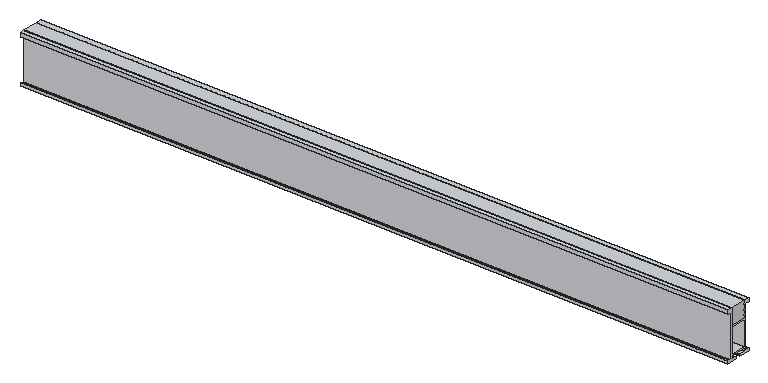
Revit family "Aluminum_Beam", category Structural Stiffeners, Revit 2020
Family settings
  Work Plane-Based = No
  Always vertical = Yes
  Cut with Voids When Loaded = No
  Shared = No
Parameters (values of type "Double_Timber_Aluminum")
  Wooden_Material = none
  Single = no
  Beam_Material = none
  L [instance] = 2200 mm
  Double = yes
  Default Elevation = 0 mm
Types (2, lengths in mm): name | Single | Double
  Single_Timber_Aluminum | yes | no
  Double_Timber_Aluminum | no | yes
Reference planes
  plane 1 "Center (Front/Back)": y = 0
  plane 2: z = 0
  plane 3 "Center (Left/Right)": x = 0
  plane 4: x = 1100
  plane 5: x = -1100
Forms (mm)
  Sweep 1, solid, material <- "Beam_Material", visible <- "Single"
    path origin (0, 0, 0) x (1, 0, 0) y (0, 1, 0)
      loop
        line (-1100, 0) -> (1100, 0)
    profile "Aluminium_Profile_Single : Aluminium_Profile_Single" origin (0, 0, 0) x (0, 1, 0) y (0, 0, 1)
      loop
        line (-36.7, -146.2) -> (-36.7, -145.3)
        arc (-36.7, -145.3) -> (-36.846, -144.946) -> (-37.2, -144.8) r 0.5
        line (-37.2, -144.8) -> (-39, -144.8)
        arc (-39, -144.8) -> (-39.707, -145.093) -> (-40, -145.8) r 1
        line (-40, -145.8) -> (-40, -149)
        arc (-40, -149) -> (-39.707, -149.707) -> (-39, -150) r 1
        line (-39, -150) -> (-8, -150)
        arc (-8, -150) -> (-7.293, -149.707) -> (-7, -149) r 1
        line (-7, -149) -> (-7, -145.2)
        arc (-7, -145.2) -> (-7.293, -144.493) -> (-8, -144.2) r 1
        line (-8, -144.2) -> (-10, -144.2)
        arc (-10, -144.2) -> (-10.707, -143.907) -> (-11, -143.2) r 1
        line (-11, -143.2) -> (-11, -133)
        arc (-11, -133) -> (-10.707, -132.293) -> (-10, -132) r 1
        line (-10, -132) -> (10, -132)
        arc (10, -132) -> (10.707, -132.293) -> (11, -133) r 1
        line (11, -133) -> (11, -143.2)
        arc (11, -143.2) -> (10.707, -143.907) -> (10, -144.2) r 1
        line (10, -144.2) -> (8, -144.2)
        arc (8, -144.2) -> (7.293, -144.493) -> (7, -145.2) r 1
        line (7, -145.2) -> (7, -149)
        arc (7, -149) -> (7.293, -149.707) -> (8, -150) r 1
        line (8, -150) -> (39, -150)
        arc (39, -150) -> (39.707, -149.707) -> (40, -149) r 1
        line (40, -149) -> (40, -145.8)
        arc (40, -145.8) -> (39.707, -145.093) -> (39, -144.8) r 1
        line (39, -144.8) -> (37.2, -144.8)
        arc (37.2, -144.8) -> (36.846, -144.946) -> (36.7, -145.3) r 0.5
        line (36.7, -145.3) -> (36.7, -146.2)
        arc (36.7, -146.2) -> (36.554, -146.554) -> (36.2, -146.7) r 0.5
        line (36.2, -146.7) -> (20.3, -146.7)
        arc (20.3, -146.7) -> (16.057, -144.943) -> (14.3, -140.7) r 6
        line (14.3, -140.7) -> (14.3, -129)
        arc (14.3, -129) -> (14.007, -128.293) -> (13.3, -128) r 1
        line (13.3, -128) -> (2, -128) -> (2, -46.6) -> (5.3, -43.3) -> (23.3, -43.3)
        arc (23.3, -43.3) -> (24.007, -43.007) -> (24.3, -42.3) r 1
        line (24.3, -42.3) -> (24.3, -6.6) -> (27.6, -3.3) -> (36.2, -3.3)
        arc (36.2, -3.3) -> (36.554, -3.446) -> (36.7, -3.8) r 0.5
        line (36.7, -3.8) -> (36.7, -4.7)
        arc (36.7, -4.7) -> (36.846, -5.054) -> (37.2, -5.2) r 0.5
        line (37.2, -5.2) -> (39, -5.2)
        arc (39, -5.2) -> (39.707, -4.907) -> (40, -4.2) r 1
        line (40, -4.2) -> (40, -1)
        arc (40, -1) -> (39.707, -0.293) -> (39, 0) r 1
        line (39, 0) -> (22, 0)
        arc (22, 0) -> (21.293, -0.293) -> (21, -1) r 1
        line (21, -1) -> (21, -40) -> (-21, -40) -> (-21, -1)
        arc (-21, -1) -> (-21.293, -0.293) -> (-22, 0) r 1
        line (-22, 0) -> (-39, 0)
        arc (-39, 0) -> (-39.707, -0.293) -> (-40, -1) r 1
        line (-40, -1) -> (-40, -4.2)
        arc (-40, -4.2) -> (-39.707, -4.907) -> (-39, -5.2) r 1
        line (-39, -5.2) -> (-37.2, -5.2)
        arc (-37.2, -5.2) -> (-36.846, -5.054) -> (-36.7, -4.7) r 0.5
        line (-36.7, -4.7) -> (-36.7, -3.8)
        arc (-36.7, -3.8) -> (-36.554, -3.446) -> (-36.2, -3.3) r 0.5
        line (-36.2, -3.3) -> (-27.6, -3.3) -> (-24.3, -6.6) -> (-24.3, -42.3)
        arc (-24.3, -42.3) -> (-24.007, -43.007) -> (-23.3, -43.3) r 1
        line (-23.3, -43.3) -> (-5.3, -43.3) -> (-2, -46.6) -> (-2, -128) -> (-13.3, -128)
        arc (-13.3, -128) -> (-14.007, -128.293) -> (-14.3, -129) r 1
        line (-14.3, -129) -> (-14.3, -140.7)
        arc (-14.3, -140.7) -> (-16.057, -144.943) -> (-20.3, -146.7) r 6
        line (-20.3, -146.7) -> (-36.2, -146.7)
        arc (-36.2, -146.7) -> (-36.554, -146.554) -> (-36.7, -146.2) r 0.5
  Sweep 2, solid, material <- "Beam_Material", visible <- "Double"
    path origin (0, 0, 0) x (1, 0, 0) y (0, -1, 0)
      loop
        line (1100, 0) -> (-1100, 0)
    profile "Aluminium_Profile_Double : Aluminium_Profile_Double" origin (0, 0, 0) x (0, -1, 0) y (0, 0, 1)
      loop
        line (25, -53.2) -> (-25, -53.2) -> (-25, -130) -> (25, -130) -> (25, -53.2)
      loop
        line (-25, -50) -> (-25, -42.366) -> (-23.8, -42.366) -> (-25, -37.932) -> (-25, -27.284) -> (-23.8, -27.284) -> (-25, -22.851) -> (-25, -11) -> (-23.8, -11) -> (-25, -6.567) -> (-25, 0) -> (-40, 0) -> (-40, -11) -> (-36.067, -11) -> (-36.067, -7.067) -> (-32.133, -7.067) -> (-32.133, -11) -> (-28.2, -11) -> (-28.2, -143.5) -> (-31.5, -143.5) -> (-31.5, -145.1) -> (-36, -145.1) -> (-36, -141) -> (-40, -141) -> (-40, -149.2) -> (-7, -149.2) -> (-7, -145.1) -> (-11.5, -145.1) -> (-11.5, -143.5) -> (-25, -143.5) -> (-25, -133.2) -> (25, -133.2) -> (25, -143.5) -> (11.5, -143.5) -> (11.5, -145.1) -> (7, -145.1) -> (7, -149.2) -> (40, -149.2) -> (40, -141) -> (36, -141) -> (36, -145.1) -> (31.5, -145.1) -> (31.5, -143.5) -> (28.2, -143.5) -> (28.2, -11) -> (32.133, -11) -> (32.133, -7.067) -> (36.067, -7.067) -> (36.067, -11) -> (40, -11) -> (40, 0) -> (25, 0) -> (25, -6.567) -> (23.8, -11) -> (25, -11) -> (25, -22.851) -> (23.8, -27.284) -> (25, -27.284) -> (25, -37.932) -> (23.8, -42.366) -> (25, -42.366) -> (25, -50) -> (-25, -50)
  Sweep 3, solid, material <- "Wooden_Material", visible <- "Double"
    path origin (0, 0, 0) x (1, 0, 0) y (0, 1, 0)
      loop
        line (-1100, 0) -> (1100, 0)
    profile origin (0, 0, 0) x (0, 1, 0) y (0, 0, 1)
      loop
        line (-25, 0) -> (-25, -50) -> (25, -50) -> (25, 0) -> (-25, 0)
  Sweep 4, solid, material <- "Wooden_Material", visible <- "Single"
    path origin (0, 0, 0) x (1, 0, 0) y (0, 1, 0)
      loop
        line (-1100, 0) -> (1100, 0)
    profile origin (0, 0, 0) x (0, 1, 0) y (0, 0, 1)
      loop
        line (-21, -3.3) -> (-21, -40) -> (21, -40) -> (21, -3.3) -> (-21, -3.3)
Dimensions and locks
  equal spacing: plane 5, plane 3 "Center (Left/Right)", plane 4
  "L": plane 5 to plane 4
  aligned and locked: level to plane 2
  aligned and locked: plane 5 to Sweep 1 sketch curve
  aligned and locked: plane 4 to Sweep 1 sketch curve
  aligned and locked: plane 1 "Center (Front/Back)" to Sweep 1 sketch curve
  aligned and locked: plane 5 to Sweep 3 sketch curve
  aligned and locked: plane 4 to Sweep 3 sketch curve
  aligned and locked: plane 1 "Center (Front/Back)" to Sweep 3 sketch curve
  aligned and locked: Sweep 3 sketch curve to Sweep 2  (x2)
  aligned and locked: Sweep 2 to Sweep 3 sketch curve
  aligned and locked: plane 5 to Sweep 4 sketch curve
  aligned and locked: plane 4 to Sweep 4 sketch curve
  aligned and locked: plane 1 "Center (Front/Back)" to Sweep 4 sketch curve
  aligned and locked: Sweep 1 to Sweep 4 sketch curve  (x3)
  aligned and locked: Sweep 4 sketch curve to Sweep 1
Automatic sketch dimensions
  plane 1 "Center (Front/Back)" to Sweep 2 sketch curve = 0 mm
  Sweep 2 sketch curve to plane 5 = 0 mm
  Sweep 2 sketch curve to plane 4 = 0 mm
  Sweep 3 sketch curve to level = 0 mm
